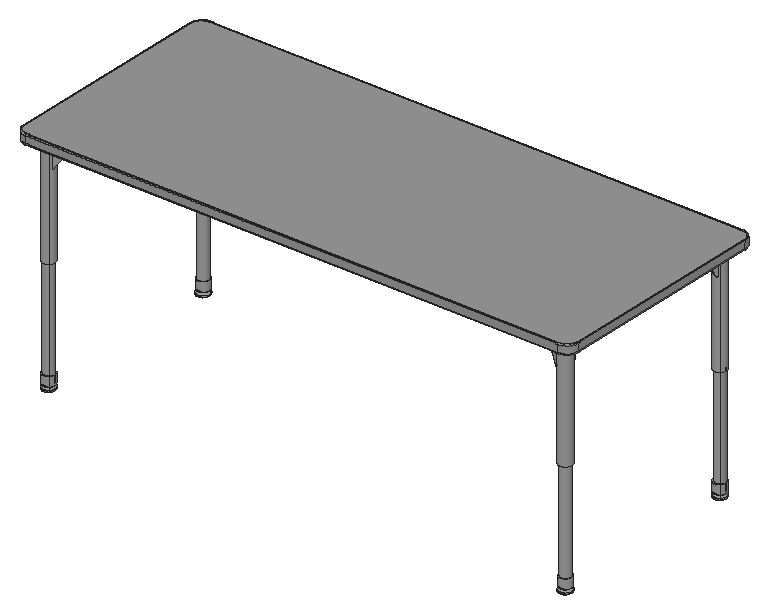
Revit family "Hierarchy Activity 72x30 Rectangle Table", category Furniture, Revit 2018
Family settings
  Work Plane-Based = No
  Always vertical = Yes
  Cut with Voids When Loaded = No
  Shared = No
  Room Calculation Point = No
Parameters
  Table Height = 2' - 5"
  Surface = Hierarchy Activity 72x30 Rectangle Table Surface
  Leg Finish = Hierarchy Leg Platinum
  Edgeband = Hierarchy Activity 72x30 Rectangle Table Edgeband
  Caster/Glide = Hierarchy Leg - Glide : Hierarchy Leg - Glide
Reference planes (in)
  plane 1 "Center (Front/Back)": y = 0
  plane 2: z = 0
  plane 3 "Center (Left/Right)": x = 0
  plane 4: z = 29
Dimensions and locks (in)
  "Table Height": plane 4 to level
  aligned and locked: plane 2 to level
  aligned and locked: nested 1 to plane 4
Nested families (in)
  nested 1: "Activity 72x30 Tabletop" at (0, 0, 5.075), type "Activity 72x30 Tabletop"
  nested 2: "Hierarchy Leg - Glide" at (-33.51636, 12.51949, 0) x (0.7071, 0.7071, 0) z (0, 0, 1), type <- "Caster/Glide", Leg Finish <- "Leg Finish", Leg Height <- "Table Height", type "Hierarchy Leg - Glide"
  nested 3: "Hierarchy Leg - Glide" at (-33.51636, -12.51949, 0) x (-0.7071, 0.7071, 0) z (0, 0, 1), type <- "Caster/Glide", Leg Finish <- "Leg Finish", Leg Height <- "Table Height", type "Hierarchy Leg - Glide"
  nested 4: "Hierarchy Leg - Glide" at (33.51636, 12.51949, 0) x (-0.7071, 0.7071, 0) z (0, 0, 1), Leg Finish <- "Leg Finish", Leg Height <- "Table Height", type "Hierarchy Leg - Glide"
    with Leg Height 2' - 5", Leg Finish Hierarchy Leg Platinum
  nested 5: "Hierarchy Leg - Glide" at (33.51636, -12.51949, 0) x (0.7071, 0.7071, 0) z (0, 0, 1), Leg Finish <- "Leg Finish", Leg Height <- "Table Height", type "Hierarchy Leg - Glide"
    with Leg Height 2' - 5", Leg Finish Hierarchy Leg Platinum
Definition of nested family "Activity 72x30 Tabletop"
  Parameters (values of type "Activity 72x30 Tabletop")
    Surface = none
    Edgeband = none
  Reference planes (in)
    plane 1 "Center (Front/Back)": y = 0
    plane 2: z = 0
    plane 3 "Center (Left/Right)": x = 0
  Forms (in)
    Extrusion 1, solid, material <- "Surface"
      sketch origin (0, -3, 0) x (1, 0, 0) y (0, 1, 0)
        loop
          line (34.5, 17.88189) -> (-34.5, 17.88189)
          arc (-34.5, 17.88189) -> (-35.47714, 17.47714) -> (-35.88189, 16.5) r 1.38189
          line (-35.88189, 16.5) -> (-35.88189, -10.5)
          arc (-35.88189, -10.5) -> (-35.47714, -11.47714) -> (-34.5, -11.88189) r 1.38189
          line (-34.5, -11.88189) -> (34.5, -11.88189)
          arc (34.5, -11.88189) -> (35.47714, -11.47714) -> (35.88189, -10.5) r 1.38189
          line (35.88189, -10.5) -> (35.88189, 16.5)
          arc (35.88189, 16.5) -> (35.47714, 17.47714) -> (34.5, 17.88189) r 1.38189
      from 23.925 to 25.125
    Sweep 2, solid, material <- "Edgeband"
      path origin (0, -3, 0) x (1, 0, 0) y (0, 1, 0)
        loop
          line (34.5, 17.88189) -> (-34.5, 17.88189)
          arc (-34.5, 17.88189) -> (-35.47714, 17.47714) -> (-35.88189, 16.5) r 1.38189
          line (-35.88189, 16.5) -> (-35.88189, -10.5)
          arc (-35.88189, -10.5) -> (-35.47714, -11.47714) -> (-34.5, -11.88189) r 1.38189
          line (-34.5, -11.88189) -> (34.5, -11.88189)
          arc (34.5, -11.88189) -> (35.47714, -11.47714) -> (35.88189, -10.5) r 1.38189
          line (35.88189, -10.5) -> (35.88189, 16.5)
          arc (35.88189, 16.5) -> (35.47714, 17.47714) -> (34.5, 17.88189) r 1.38189
      profile origin (0, 14.88189, 0) x (0, -1, 0) y (0, 0, 1)
        loop
          arc (0, 25.125) -> (-0.08352, 25.09041) -> (-0.11811, 25.00689) r 0.11811
          line (-0.11811, 25.00689) -> (-0.11811, 24.04311)
          arc (-0.11811, 24.04311) -> (-0.08352, 23.95959) -> (0, 23.925) r 0.11811
          line (0, 23.925) -> (0, 25.125)
  Dimensions and locks (in)
    aligned and locked: plane 2 to level
Definition of nested family "Hierarchy Leg - Glide"
  Parameters (values of type "Hierarchy Leg - Glide")
    Leg Finish [instance] = none
    Leg Height [instance] = 2' - 5"
  Reference planes (in)
    plane 1 "Center (Front/Back)": y = 0
    plane 2: z = 0
    plane 3 "Center (Left/Right)": x = 0
  Forms (in)
    Extrusion 1, solid
      sketch origin (-0.01562, 0, 0) x (1, 0, 0) y (0, 1, 0)
        loop
          circle (0.01563, 0) r 0.67016
      from 0.67618 to 16.17618
    Revolve 2, solid
      sketch origin (0, 0, 0) x (1, 0, 0) y (0, 0, 1)
        loop
          line (-0.73189, 1.80118) -> (-0.79439, 1.73867) -> (-0.79439, 0.61381) -> (-0.73176, 0.55118) -> (-0.125, 0.55118) -> (-0.125, 0.42618) -> (-0.84656, 0.16241) -> (-0.84656, 0.08994) -> (-0.81359, 0) -> (0, 0) -> (0, 1.80118) -> (-0.73189, 1.80118)
        axis (0, 1.80118) -> (0, 0)
      angle from 0 to 360
  Dimensions and locks (in)
    "Leg Height": nested 1 to level
    aligned and locked: plane 2 to level
  Automatic sketch dimensions
    plane 1 "Center (Front/Back)" to Extrusion 1 sketch curve = 0' - 0"
    Extrusion 1 sketch curve to plane 3 "Center (Left/Right)" = 0' - 0"
    Revolve 2 sketch curve to level = 0' - 0"
    Revolve 2 sketch curve to plane 3 "Center (Left/Right)" = 0' - 0"  (x2)
    Revolve 2 sketch curve to plane 3 "Center (Left/Right)" = 0' - 0 1/8"
    Revolve 2 sketch curve to Revolve 2 sketch curve = 0' - 0.60676"
    Revolve 2 sketch curve to Revolve 2 sketch curve = 0' - 0.73189"
    Revolve 2 sketch curve to Revolve 2 sketch curve = 0' - 0.06263"  (x2)
    Revolve 2 sketch curve to Revolve 2 sketch curve = 0' - 0.08183"
    Revolve 2 sketch curve to Revolve 2 sketch curve = 0' - 0.03297"
    level to Revolve 2 sketch curve = 0' - 0.08994"
    Revolve 2 sketch curve to Revolve 2 sketch curve = 0' - 0.07247"
    level to Revolve 2 sketch curve = 0' - 0.42618"
    Revolve 2 sketch curve to Revolve 2 sketch curve = 0' - 0 1/8"
    Revolve 2 sketch curve to Revolve 2 sketch curve = 0' - 1.12486"
    Revolve 2 sketch curve to Revolve 2 sketch curve = 0' - 0 1/16"
    Revolve 2 sketch curve to level = 2' - 0"
    Revolve 2 sketch curve to Revolve 2 sketch curve = 8' - 4.91764"
    radius of Extrusion 1 sketch curve = 0' - 0.67016"
  Nested families (in)
    nested 1: "Hierarchy Upper Leg 2023" at (0, 0, 1.19783), Shapes Leg Finish <- "Leg Finish", type "Hierarchy Upper Leg 2023"
      with Shapes Leg Finish none
  Definition of nested family "Hierarchy Upper Leg 2023"
    Parameters (values of type "Hierarchy Upper Leg 2023")
      Shapes Leg Finish [instance] = none
    Reference planes (in)
      plane 1 "Center (Front/Back)": y = 0
      plane 2: z = 0
      plane 3 "Center (Left/Right)": x = 0
    Forms (in)
      Extrusion 1, solid, material <- "Shapes Leg Finish"
        sketch origin (0, 0, 0) x (1, 0, 0) y (0, 1, 0)
          loop
            circle (0, 0) r 0.84802
        from 13.67618 to 27.67618
      Extrusion 2, solid, material <- "Shapes Leg Finish"
        sketch origin (0, 0, 0) x (1, 0, 0) y (0, 1, 0)
          loop
            line (-1.70174, 0.19183) -> (-2.88626, -2.26116)
            arc (-2.88626, -2.26116) -> (-2.83993, -3.09822) -> (-2.1063, -3.50394) r 0.86614
            line (-2.1063, -3.50394) -> (2.1063, -3.50394)
            arc (2.1063, -3.50394) -> (2.83993, -3.09822) -> (2.88626, -2.26116) r 0.86614
            line (2.88626, -2.26116) -> (1.70174, 0.19183)
            arc (1.70174, 0.19183) -> (0, 1.25984) -> (-1.70174, 0.19183) r 1.88976
        from 27.67618 to 27.80217
      Extrusion 3, solid, material <- "Shapes Leg Finish"
        sketch origin (-1.48519, 8.66524, 0) x (-0.434844, 0.900506, 0) y (0, 0, 1)
          loop
            line (-9.01425, 27.67618) -> (-11.80952, 27.67618)
            arc (-11.80952, 27.67618) -> (-11.92325, 27.58993) -> (-11.87088, 27.45715) r 0.11811
            arc (-11.87088, 27.45715) -> (-10.39364, 26.29679) -> (-9.23328, 24.81955) r 7.87402
            arc (-9.23328, 24.81955) -> (-9.1005, 24.76717) -> (-9.01425, 24.88091) r 0.11811
            line (-9.01425, 24.88091) -> (-9.01425, 27.67618)
        from -1.94075 to -1.81476
      Extrusion 4, solid, material <- "Shapes Leg Finish"
        sketch origin (1.48519, 8.66524, 0) x (0.434844, 0.900506, 0) y (0, 0, -1)
          loop
            line (-9.01425, -27.67618) -> (-9.01425, -24.88091)
            arc (-9.01425, -24.88091) -> (-9.1005, -24.76717) -> (-9.23328, -24.81955) r 0.11811
            arc (-9.23328, -24.81955) -> (-10.39364, -26.29679) -> (-11.87088, -27.45715) r 7.87402
            arc (-11.87088, -27.45715) -> (-11.92325, -27.58993) -> (-11.80952, -27.67618) r 0.11811
            line (-11.80952, -27.67618) -> (-9.01425, -27.67618)
        from -1.94075 to -1.81476
    Dimensions and locks (in)
      aligned and locked: plane 2 to level
